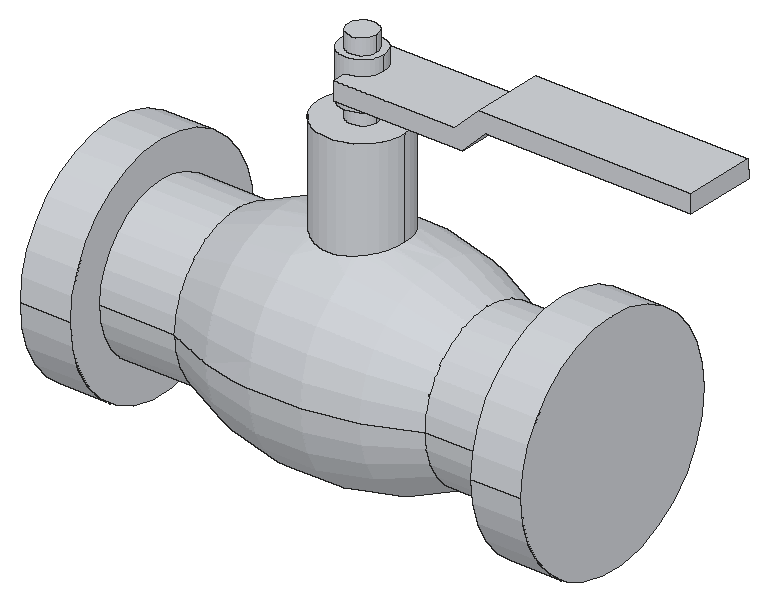
Revit family "cef620f58c8443b9adaaa85bacd0f605", category Pipe Accessories, Revit 2021
Family settings
  Round Connector Dimension = Use Radius
  Part Type = Valve - Breaks Into
  OmniClass Number = 23.65.55.14.17
  OmniClass Title = Adjusting/Controlling Valves for Liquid Services
  Seek Item ID = Ball Valve - 2-6 Inch-0000-USA-ENU
  Work Plane-Based = No
  Always vertical = Yes
  Cut with Voids When Loaded = No
  Shared = No
Parameters (values of type "2"")
  Valve Material = none
  Stem Radius = Stem Diameter / 2  # 0' - 0.2"
  Stem Height = 0.5 * Body Diameter  # 0' - 1.1"
  Stem Diameter = 0.2 * Nominal Diameter  # 0' - 0.4"
  Seal Length = 0.25 * Body Length  # 0' - 1 3/4"
  Radius = 2 * (Length 2) + 0' 0 1/8"  # 0' - 3 5/8"
  Nut Radius = Nut Diameter / 2  # 0' - 0.3"
  Nut Height = 0.3 * Body Diameter  # 0' - 0.66"
  Nut Diameter = 0.3 * Nominal Diameter  # 0' - 0.6"
  Nominal Radius = 1"
  Nominal Diameter = Nominal Radius * 2  # 2"
  Length 2 = (Body Length - 2 * Seal Length) / 2  # 0' - 1 3/4"
  Length 1 = Body Length - 2 * Adapter Length  # 0' - 5.6"
  K Coefficient = 0.35
  Handle Width = 0' - 1"
  Handle Length = 0' - 5"
  Handle Height = 0' - 9"
  Half Nut Height = Nut Height / 2  # 0' - 0.33"
  Default Elevation = 0' - 0"
  Body Radius = Body Diameter / 2  # 0' - 1.1"
  Body Length = 0' - 7"
  Body Height = 1.3 * Body Diameter  # 0' - 2.86"
  Body Diameter = 1.1 * Nominal Diameter  # 0' - 2.2"
  Adapter Radius = Adapter Diameter / 2  # 0' - 1.6"
  Adapter Length = 0.1 * Body Length  # 0' - 0.7"
  Adapter Diameter = 1.6 * Nominal Diameter  # 0' - 3.2"
Types (6): name | Stem Radius | Stem Height | Stem Diameter | Seal Length | Radius | Nut Radius | Nut Height | Nut Diameter | Nominal Radius | Nominal Diameter | Length 2 | Length 1 | K Coefficient | Handle Width | Handle Length | Handle Height | Half Nut Height | Body Radius | Body Length | Body Height | Body Diameter | Adapter Radius | Adapter Length | Adapter Diameter
  (no name) | 0' - 0.2" | 0' - 1.1" | 0' - 0.4" | 0' - 1 3/4" | 0' - 3 5/8" | 0' - 0.3" | 0' - 0.66" | 0' - 0.6" | 1" | 2" | 0' - 1 3/4" | 0' - 5.6" | 0.35 | 0' - 1" | 0' - 5" | 0' - 9" | 0' - 0.33" | 0' - 1.1" | 0' - 7" | 0' - 2.86" | 0' - 2.2" | 0' - 1.6" | 0' - 0.7" | 0' - 3.2"
  2" | 0' - 0.2" | 0' - 1.1" | 0' - 0.4" | 0' - 1 3/4" | 0' - 3 5/8" | 0' - 0.3" | 0' - 0.66" | 0' - 0.6" | 1" | 2" | 0' - 1 3/4" | 0' - 5.6" | 0.35 | 0' - 1" | 0' - 5" | 0' - 9" | 0' - 0.33" | 0' - 1.1" | 0' - 7" | 0' - 2.86" | 0' - 2.2" | 0' - 1.6" | 0' - 0.7" | 0' - 3.2"
  2 1/2" | 0' - 0 1/4" | 0' - 1 3/8" | 0' - 0 1/2" | 0' - 1 7/8" | 0' - 3 7/8" | 0' - 0 3/8" | 0' - 0.825" | 0' - 0 3/4" | 1 1/4" | 2 1/2" | 0' - 1 7/8" | 0' - 6" | 0.32 | 0' - 1 1/2" | 0' - 5 1/2" | 1' - 4" | 0' - 0.4125" | 0' - 1 3/8" | 0' - 7 1/2" | 0' - 3.575" | 0' - 2 3/4" | 0' - 2" | 0' - 0 3/4" | 0' - 4"
  3" | 0' - 0.3" | 0' - 1.65" | 0' - 0.6" | 0' - 2" | 0' - 4 1/8" | 0' - 0.45" | 0' - 0.99" | 0' - 0.9" | 1 1/2" | 3" | 0' - 2" | 0' - 6.4" | 0.31 | 0' - 1 1/2" | 0' - 6 1/4" | 1' - 4" | 0' - 0.495" | 0' - 1.65" | 0' - 8" | 0' - 4.29" | 0' - 3.3" | 0' - 2.4" | 0' - 0.8" | 0' - 4.8"
  4" | 0' - 0.4" | 0' - 2.2" | 0' - 0.8" | 0' - 2 1/4" | 0' - 4 5/8" | 0' - 0.6" | 0' - 1.32" | 0' - 1.2" | 2" | 4" | 0' - 2 1/4" | 0' - 7.2" | 0.3 | 0' - 2" | 0' - 7" | 1' - 7 3/4" | 0' - 0.66" | 0' - 2.2" | 0' - 9" | 0' - 5.72" | 0' - 4.4" | 0' - 3.2" | 0' - 0.9" | 0' - 6.4"
  6" | 0' - 0.6" | 0' - 3.3" | 0' - 1.2" | 0' - 2 3/4" | 0' - 5 5/8" | 0' - 0.9" | 0' - 1.98" | 0' - 1.8" | 3" | 6" | 0' - 2 3/4" | 0' - 8.8" | 0.28 | 0' - 2" | 0' - 10 51/256" | 2' - 2" | 0' - 0.99" | 0' - 3.3" | 0' - 11" | 0' - 8.58" | 0' - 6.6" | 0' - 4.8" | 0' - 1.1" | 0' - 9.6"
Reference planes (in)
  plane 1 "Center (Front/Back)": y = 0
  plane 2: z = 0
  plane 3 "Center (Left/Right)": x = 0
  plane 4: x = -3.5
  plane 5: x = 3.5
  plane 6: x = 5
  plane 7: y = 1.6
  plane 8: y = -1.6
  plane 9: x = -2.8
  plane 10: x = 2.8
  plane 11: x = 1.75
  plane 12: x = -1.75
  plane 13: y = 1.1
  plane 14: y = -1.1
  plane 15: z = 2.86
  plane 16: z = 3.96
  plane 17: z = 3.41
  plane 18: z = 3.74
  plane 19: z = 3.08
  plane 20: y = -0.5
  plane 21: y = 0.5
  plane 22: y = 5.6
Forms (in)
  Extrusion 1, solid, material <- "Valve Material", detail levels fine
    sketch origin (0, 0, 0) x (0, 1, 0) y (0, 0, 1)
      loop
        circle (0, 0) r 1.6
    from 2.8 to 3.5
  Extrusion 2, solid, material <- "Valve Material", detail levels fine
    sketch origin (0, 0, 0) x (0, 1, 0) y (0, 0, -1)
      loop
        circle (0, 0) r 1.6
    from 2.8 to 3.5
  Revolve 3, solid, material <- "Valve Material", detail levels fine
    sketch origin (0, 0, 0) x (1, 0, 0) y (0, 1, 0)
      loop
        line (-2.8, 0) -> (-2.8, -1.1) -> (-1.75, -1.1)
        arc (-1.75, -1.1) -> (0, -1.55039) -> (1.75, -1.1) r 3.625
        line (1.75, -1.1) -> (2.8, -1.1) -> (2.8, 0) -> (-2.8, 0)
      axis (-2.8, 0) -> (2.8, 0)
    angle from 0 to 360
  Extrusion 4, solid, material <- "Valve Material", detail levels fine
    sketch origin (0, 0, 0) x (1, 0, 0) y (0, 1, 0)
      loop
        circle (0, 0) r 0.6
    from 0 to 2.86
  Extrusion 5, solid, material <- "Valve Material", detail levels fine
    sketch origin (0, 0, 0) x (1, 0, 0) y (0, 1, 0)
      loop
        circle (0, 0) r 0.2
    from 0 to 3.96
  Extrusion 6, solid, material <- "Valve Material", detail levels fine
    sketch origin (0, 0, 0) x (1, 0, 0) y (0, 1, 0)
      loop
        circle (0, 0) r 0.3
    from 3.08 to 3.74
  Sweep 7, solid, material <- "Valve Material", detail levels fine
    path in 3D
      loop
        line (0, 0, 3.41) -> (1.75, 0, 3.41) -> (2.08, 0, 3.74) -> (5, 0, 3.74)
    profile origin (0.875, 0, 3.41) x (0, 0, 1) y (0, -1, 0)
      loop
        line (0.125, 0.5) -> (-0.125, 0.5) -> (-0.125, -0.5) -> (0.125, -0.5) -> (0.125, 0.5)
Cuts and joins
  joined: Extrusion 1, Extrusion 2, Revolve 3, Extrusion 4, Extrusion 5, Extrusion 6, Sweep 7
Lines and regions (in)
  reference lines
    curve 1: line (0, 0, 3.41) -> (1.75, 0, 3.41)
    curve 2: line (1.75, 0, 3.41) -> (2.08, 0, 3.74)
    curve 3: line (2.08, 0, 3.74) -> (5, 0, 3.74)
  sketch lines
    curve 4: line (0, 0, 3.41) -> (1.75, 0, 3.41)
    curve 5: line (1.75, 0, 3.41) -> (2.08, 0, 3.74)
    curve 6: line (2.08, 0, 3.74) -> (5, 0, 3.74)
  model lines, detail levels coarse+medium
    curve 7: circle (0, 0, 0) r 1.75 normal (0, 0, 1)
    curve 8: line (0, 1.75, 0) -> (0, 5.6, 0)
    curve 9: line (0, 5.6, 0) -> (5, 5.6, 0)
    curve 10: line (-3.5, 1.6, 0) -> (-3.5, -1.6, 0)
    curve 11: line (3.5, 1.6, 0) -> (3.5, -1.6, 0)
Dimensions and locks (in)
  equal spacing: plane 4, plane 3 "Center (Left/Right)", plane 5
  "Body Length": plane 4 to plane 5
  "Handle Length": plane 3 "Center (Left/Right)" to plane 6
  "Adapter Radius": plane 7 to plane 1 "Center (Front/Back)"
  equal spacing: plane 7, plane 1 "Center (Front/Back)", plane 8
  "Adapter Length": plane 4 to plane 9
  "Adapter Length": plane 10 to plane 5
  "Seal Length": plane 11 to plane 5
  "Seal Length": plane 4 to plane 12
  "Body Radius": plane 13 to plane 1 "Center (Front/Back)"
  equal spacing: plane 13, plane 1 "Center (Front/Back)", plane 14
  "Body Height": plane 15 to plane 2
  "Stem Height": plane 16 to plane 15
  equal spacing: plane 16, plane 17, plane 15
  plane 18 to plane 17 to plane 19 = 0' - 0.33", 0' - 0.33"
  equal spacing: plane 18, plane 17, plane 19
  "Half Nut Height": plane 17 to plane 19
  equal spacing: plane 20, plane 1 "Center (Front/Back)", plane 21
  "Handle Width": plane 20 to plane 21
  Sweep 7 sketch curve to Sweep 7 sketch curve = 0' - 0 1/4"
  equal spacing: Sweep 7 sketch curve, profile plane, Sweep 7 sketch curve
  "Length 1": plane 22 to plane 1 "Center (Front/Back)"
  "Adapter Radius": radius of Extrusion 1 sketch curve
  "Adapter Radius": radius of Extrusion 2 sketch curve
  "Nut Diameter": radius of Extrusion 4 sketch curve
  "Stem Radius": radius of Extrusion 5 sketch curve
  "Nut Radius": radius of Extrusion 6 sketch curve
  "Radius": radius of Revolve 3 sketch curve
  "Seal Length": radius of curve 7
  locked: plane 17 to curve 2 (angle 45.00°)
  aligned and locked: plane 1 "Center (Front/Back)" to Extrusion 1 sketch curve
  aligned and locked: plane 2 to Extrusion 1 sketch curve
  aligned and locked: Extrusion 1 to plane 5
  aligned and locked: Extrusion 1 to plane 10
  aligned and locked: plane 1 "Center (Front/Back)" to Extrusion 2 sketch curve
  aligned and locked: plane 2 to Extrusion 2 sketch curve
  aligned and locked: plane 9 to Extrusion 2
  aligned and locked: Extrusion 2 to plane 4
  aligned and locked: Revolve 3 sketch curve to plane 1 "Center (Front/Back)"
  aligned and locked: Revolve 3 sketch curve to plane 9
  aligned and locked: plane 14 to Revolve 3 sketch curve  (x2)
  aligned and locked: plane 10 to Revolve 3 sketch curve
  aligned and locked: Revolve 3 sketch curve to Revolve 3 sketch curve
  aligned and locked: plane 3 "Center (Left/Right)" to Extrusion 4 sketch curve
  aligned and locked: plane 1 "Center (Front/Back)" to Extrusion 4 sketch curve
  aligned and locked: plane 15 to Extrusion 4
  aligned and locked: Extrusion 4 to level
  aligned and locked: plane 16 to Extrusion 5
  aligned and locked: plane 3 "Center (Left/Right)" to Extrusion 6 sketch curve
  aligned and locked: plane 1 "Center (Front/Back)" to Extrusion 6 sketch curve
  aligned and locked: Extrusion 6 to plane 19
  aligned and locked: plane 18 to Extrusion 6
  aligned and locked: plane 11 to Revolve 3 sketch curve
  aligned and locked: plane 6 to curve 3
  aligned and locked: plane 11 to curve 2
  aligned and locked: curve 1 to plane 17
  aligned and locked: plane 3 "Center (Left/Right)" to curve 1
  aligned and locked: Sweep 7 sketch curve to plane 20
  aligned and locked: plane 21 to Sweep 7 sketch curve
  aligned and locked: plane 3 "Center (Left/Right)" to curve 7
  aligned and locked: plane 1 "Center (Front/Back)" to curve 7
  aligned and locked: curve 9 to plane 22
  aligned and locked: plane 6 to curve 9
  aligned and locked: plane 7 to curve 10
  aligned and locked: plane 8 to curve 10
  aligned and locked: plane 7 to curve 11
  aligned and locked: plane 8 to curve 11
  aligned and locked: cut or joined group of Extrusion 1, Extrusion 2, Revolve 3, Extrusion 4, Extrusion 5, Extrusion 6, Sweep 7 to plane 5
Automatic sketch dimensions
  Extrusion 5 sketch curve to plane 1 "Center (Front/Back)" = 0' - 0"
  Extrusion 5 sketch curve to plane 3 "Center (Left/Right)" = 0' - 0"
  curve 3 to plane 18 = 0' - 0"
  curve 10 to plane 4 = 0' - 0"
  curve 9 to plane 3 "Center (Left/Right)" = 0' - 0"
  curve 11 to plane 5 = 0' - 0"
  Revolve 3 sketch curve to plane 9 = 0' - 0"
  Revolve 3 sketch curve to plane 12 = 0' - 0"
  Revolve 3 sketch curve to plane 10 = 0' - 0"
Connectors (in)
  piping at (3.5, 0, 0), diameter 2, driven by "Nominal Radius", driven by "K Coefficient"
    settings: on Extrusion 1, index 1, connector inside diameter 2", connector length 0' - 0", flow factor 0, pipe flow 0 GPM, pressure drop 0.00 psi, fitting loss kfactor 0.35, connector angle 0.00°, fixture units 0, engagement length 0' - 0", angle of deflection 0.00°, flow configuration 0, flow direction 0, fitting loss method 2, system type 29, joint type 0, gender type 0, connector reference index 2, connector utility 0, adjustable connector no, is connector primary no, connector description ""
  piping at (-3.5, 0, 0), diameter 2, driven by "Nominal Radius"
    settings: on Extrusion 2, index 2, connector inside diameter 2", connector length 0' - 0", flow factor 0, pipe flow 0 GPM, pressure drop 0.00 psi, fitting loss kfactor 0, connector angle 0.00°, fixture units 0, engagement length 0' - 0", angle of deflection 0.00°, flow configuration 0, flow direction 0, fitting loss method 2, system type 29, joint type 0, gender type 0, connector reference index 1, connector utility 0, adjustable connector no, is connector primary yes, connector description ""
